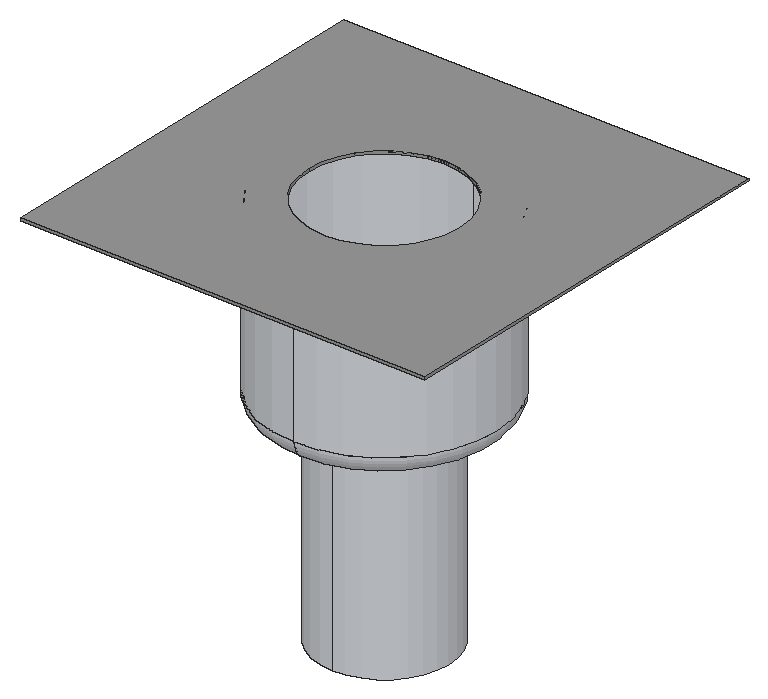
Revit family "RS524.100", category Sanitärinstallationen, Revit 2020
Family settings
  Bemaßung runder Anschluss = Durchmesser verwenden
  Teiletyp = Normal
  Arbeitsebenenbasiert = Nein
  Immer vertikal = Ja
  Beim Laden mit Abzugskörper schneiden = Nein
  Gemeinsam genutzt = Nein
  Raumberechnungspunkt = Nein
Parameters
  Übergangsbride [instance] = no
  Vorgabe-Ansicht = 0 mm
  URL = "https://www.resitec.ch/"
  RSsp_H1 [instance] = Höhe - 23 mm  # 335 mm
  RS_s001 = 2 mm
  RS_dimH-mountplate [instance] = 110 mm
  RS_dimH-Rost [instance] = 69 mm
  RS_dim001 = 80.135 mm
  RS_dim002 = 142 mm
  RS_dim003 = RS_dim001 + 5 mm  # 85.135 mm
  RS_dia002 = 150 mm
  RS_dia001 = 245 mm  # constant formula
  RS_DVol-T = 345 mm
  RS_DVol-L = 345 mm
  RS_DN2 = 0 mm
  RS_DN1d = 110 mm
  RS_DN1 = 100 mm
  RS_AVol-T = 129 mm
  RS_AVol-L = 129 mm
  RS_AVol-H = 200 mm
  RS_URL = "https://resitec.ch/entwaesserungstechnik/glockensifons/?tx_resitecprodukte_produktliste%5Bprodukt%5D=81&tx_resitecprodukte_produktliste%5Baction%5D=show&tx_resitecprodukte_produktliste%5Bcontroller%5D=Produkt&cHash=6d57d6ed01fa84a4cd1852db563116bd"
  RS_Rost_h1 [instance] = 23 mm  # constant formula
  RS_Rost_Typ [instance] = "RS511.2.145"
  RS_Manufacture = "Resitec"  # constant formula
  RS_Description [instance] = "Bodenablauf aus rostfreiem Stahl 1.4404 gebeizt, Typ RS 500K/100 mit Schlitzrost barfuss begehbar."
  RS_Articelnumber [instance] = "RS524.100"
  RS_Add_1 [instance] = ""
  Klebeblech mit Epoxidgrundierung = no
  Höhe [instance] = 358 mm
  Hersteller = RS_Manufacture  # "Resitec"
  Description = ""
  Baugruppenkennzeichen = "D2030300"
  Anschlusswert DU L/s = 0
Reference planes
  plane 1 "Mitte (Vorne/hinten)": y = 0
  plane 2: z = 0
  plane 3 "Mitte (Links/rechts)": x = 0
  plane 4: z = -335
  plane 5: z = 10
  plane 6: x = 172.5
  plane 7: y = 172.5
  plane 8: x = -172.5
  plane 9: y = -172.5
  plane 10: y = 64.5
  plane 11: x = 64.5
  plane 12: x = -64.5
  plane 13: y = -64.5
  plane 14: z = 23
  plane 15: z = -7.5
  plane 16: z = 2
  plane 17: z = -110
  plane 18: x = -122.5
  plane 19: y = 122.5
  plane 20: x = 122.5
  plane 21: y = -122.5
  plane 22: z = 0
Forms (mm)
  Extrusion 1, solid, material "Stahl, unlegiert"
    sketch origin (0, 0, 0) x (1, 0, 0) y (0, 1, 0)
      loop
        line (-172.5, 172.5) -> (-172.5, -172.5) -> (172.5, -172.5) -> (172.5, 172.5) -> (-172.5, 172.5)
      loop
        circle (0, 0) r 64.5
    from 0 to 2
Lines and regions (mm)
  reference lines
    curve 1: line (-60, 0, 0) -> (60, 0, 0)
    curve 2: line (0, 60, 0) -> (0, -60, 0)
    curve 3: line (-55.15, 0, 0) -> (55.15, 0, 0)
    curve 4: line (0, 55.15, 0) -> (0, -55.15, 0)
    curve 5: line (-70.5, 0, 0) -> (70.5, 0, 0)
    curve 6: line (0, -70.5, 0) -> (0, 70.5, 0)
Dimensions and locks
  "RSsp_H1": level to plane 4
  equal spacing: plane 7, plane 1 "Mitte (Vorne/hinten)", plane 9
  equal spacing: plane 8, plane 3 "Mitte (Links/rechts)", plane 6
  "RS_DVol-T": plane 7 to plane 9
  "RS_DVol-L": plane 8 to plane 6
  equal spacing: plane 12, plane 3 "Mitte (Links/rechts)", plane 11
  "RS_AVol-L": plane 12 to plane 11
  equal spacing: plane 10, plane 1 "Mitte (Vorne/hinten)", plane 13
  "RS_AVol-T": plane 10 to plane 13
  "RS_s001": plane 16 to level
  "RS_Rost_h1": plane 14 to level
  level to plane 17 = 110 mm
  "RS_dia001": plane 18 to plane 20
  "RS_dia001": plane 19 to plane 21
  equal spacing: plane 18, plane 3 "Mitte (Links/rechts)", plane 20
  equal spacing: plane 19, plane 1 "Mitte (Vorne/hinten)", plane 21
  Extrusion 1 to Extrusion 1 = 2 mm
  locked: level to plane 15 at 7.5
  plane 14 to plane 22 = 23 mm
  aligned and locked: level to plane 2
  aligned and locked: Extrusion 1 to level
  aligned and locked: nested 1 to level
  aligned and locked: level to plane 22
Automatic sketch dimensions
  plane 1 "Mitte (Vorne/hinten)" to curve 5 = 0 mm
  plane 1 "Mitte (Vorne/hinten)" to curve 1 = 0 mm
  plane 1 "Mitte (Vorne/hinten)" to curve 3 = 0 mm
  curve 2 to plane 3 "Mitte (Links/rechts)" = 0 mm
  curve 6 to plane 3 "Mitte (Links/rechts)" = 0 mm
  curve 4 to plane 3 "Mitte (Links/rechts)" = 0 mm
  curve 3 to plane 3 "Mitte (Links/rechts)" = 55.15 mm
  curve 1 to curve 3 = 4.85 mm
  curve 5 to curve 1 = 10.5 mm
  plane 3 "Mitte (Links/rechts)" to curve 3 = 55.15 mm
  curve 3 to curve 1 = 4.85 mm
  curve 1 to curve 5 = 10.5 mm
  plane 1 "Mitte (Vorne/hinten)" to curve 4 = 55.15 mm
  curve 2 to curve 4 = 4.85 mm
  curve 6 to curve 2 = 10.5 mm
  curve 4 to plane 1 "Mitte (Vorne/hinten)" = 55.15 mm
  curve 4 to curve 2 = 4.85 mm
  curve 2 to curve 6 = 10.5 mm
  Extrusion 1 sketch curve to plane 8 = 0 mm
  plane 1 "Mitte (Vorne/hinten)" to Extrusion 1 sketch curve = 0 mm
  Extrusion 1 sketch curve to plane 3 "Mitte (Links/rechts)" = 0 mm
  Extrusion 1 sketch curve to plane 6 = 0 mm
  Extrusion 1 sketch curve to plane 9 = 0 mm
  Extrusion 1 sketch curve to plane 7 = 0 mm
  radius of Extrusion 1 sketch curve = 64.5 mm
Nested families
  nested 1: "RS561K.xx" at (0, 0, 0), RSsp_H1 <- "RSsp_H1", type "DN100"
    with Übergangsbride no, Rückstaudichtung RS644.60 no, RSsp_H1 335 mm, RS_dimH-Rost 279 mm, RS_Rost_h1 317 mm, RS_Rost_Typ "RS511.2.145", RS_Description "Glockensifon aus rostfreiem Stahl 1.4404 gebeizt, Typ RS 425/70, bestehend aus: Ablaufteil mit Abgang ø 63.5 mm, vertikal Lochrost 4 mm ø 124 mm aus rostfreiem Stahl 1.4301 gebeizt mit angeschweisster Glocke, barfuss begehbar und mit Rollstuhl befahrbar", RS_Articelnumber "RS425.60.4.129", RS_Add_1 "", Höhe 345 mm
Connectors
  piping at (0, 0, -335), diameter 100, driven by "RS_DN1"
    settings: on nested 1, index 1, connector inside diameter 609.6 mm, connector length 0 mm, flow factor 0, pipe flow 0.0 L/s, pressure drop 0.0 Pa, fitting loss kfactor 0, connector angle 0.00°, fixture units 0, engagement length 0 mm, angle of deflection 0.00°, flow configuration 0, flow direction 0, fitting loss method 0, system type 16, joint type 0, gender type 0, connector reference index -1, connector utility 0, adjustable connector no, is connector primary yes, connector description ""
Definition of nested family "RS561K.xx"
  Parameters (values of type "DN100")
    Übergangsbride [instance] = no
    Default Elevation = 0 mm
    URL = "https://www.resitec.ch/"
    RSsp_H1 [instance] = 345 mm
    RS_s001 = 3 mm
    RS_dimH-Rost [instance] = RS_Rost_h1 - 38 mm  # 279 mm
    RS_dim001 = 159 mm
    RS_dim002 = RS_dim001  # 159 mm
    RS_dim003 = 25 mm
    RS_dia002 = 130 mm
    RS_dia001 = 192 mm
    RS_DVol-T = 300 mm
    RS_DVol-L = 300 mm
    RS_DN2 = 0 mm
    RS_DN1d = 110 mm
    RS_DN1 = 100 mm
    RS_AVol-T = 129 mm
    RS_AVol-L = 129 mm
    RS_AVol-H = 200 mm
    RS_URL = ""
    RS_Rost_h1 [instance] = 317 mm
    RS_Rost_Typ [instance] = ""
    RS_Manufacture = "Resitec"  # constant formula
    RS_Description [instance] = "Glockensifon aus rostfreiem Stahl 1.4404 gebeizt, Typ RS 425/70, bestehend aus: Ablaufteil mit Abgang ø 63.5 mm, vertikal Lochrost 4 mm ø 124 mm aus rostfreiem Stahl 1.4301 gebeizt mit angeschweisster Glocke, barfuss begehbar und mit Rollstuhl befahrbar"  # constant formula
    RS_Articelnumber [instance] = "RS519.245"
    RS_Add_1 [instance] = ""
    Rückstaudichtung RS644.60 [instance] = no
    Höhe [instance] = 345 mm
    Manufacturer = RS_Manufacture  # "Resitec"
    Description = ""
    Assembly Code = "D2030300"
    Anschlusswert DU L/s = 0
  Types (5, lengths in mm): name | RSsp_H1 | RS_dim001 | RS_dim002 | RS_dia001 | RS_DN1d | RS_DN1 | RS_URL | RS_Rost_Typ | RS_Articelnumber
    DN40 | 335.757 | 122 | 122 | 129 | 48 | 40 | "https://resitec.ch/entwaesserungstechnik/bodenablauf/?tx_resitecprodukte_produktliste%5Bprodukt%5D=1&tx_resitecprodukte_produktliste%5Baction%5D=show&tx_resitecprodukte_produktliste%5Bcontroller%5D=Produkt&cHash=cee8b11d3745fbe960417df4e1698a16" | "RS511.2.145" | "RS425.60.4.129"
    DN60 | 335.757 | 122 | 122 | 129 | 63 | 60 | "https://resitec.ch/entwaesserungstechnik/glockensifons/?tx_resitecprodukte_produktliste%5Bprodukt%5D=71&tx_resitecprodukte_produktliste%5Baction%5D=show&tx_resitecprodukte_produktliste%5Bcontroller%5D=Produkt&cHash=81896261f04a31d1bb8fc8234e01d3bc" | "RS511.2.145" | "RS425.60.4.129"
    DN70 | 345 | 122 | 122 | 129 | 76 | 70 | "" | "" | "RS561K.xx"
    DN80 | 345 | 159 | 159 | 192 | 89 | 80 | "" | "" | "RS519.245"
    DN100 | 345 | 159 | 159 | 192 | 110 | 100 | "" | "" | "RS519.245"
  Reference planes
    plane 1 "Mitte (Vorne/hinten)": y = 0
    plane 2: z = 0
    plane 3 "Mitte (Links/rechts)": x = 0
    plane 4: y = -96
    plane 5: y = 96
    plane 6: z = -159
    plane 7: z = -159
    plane 8: y = -55
    plane 9: y = 55
    plane 10: z = -345
  Forms (mm)
    Revolve 1, solid
      sketch origin (0, 0, 0) x (0, 1, 0) y (0, 0, 1)
        loop
          line (0, -159.078) -> (0, -345) -> (55, -345) -> (55, -159.078) -> (0, -159.078)
        axis (0, -159.078) -> (0, -345)
      angle from 0 to 360
    Revolve 2, solid
      sketch origin (0, 0, 0) x (0, 1, 0) y (0, 0, 1)
        loop
          line (-96, 0) -> (-96, -142.204)
          arc (-96, -142.204) -> (-91.081, -154.081) -> (-79.204, -159) r 16.796
          line (-79.204, -159) -> (0, -159) -> (0, -157) -> (-81.272, -157)
          arc (-81.272, -157) -> (-90.272, -153.272) -> (-94, -144.272) r 12.728
          line (-94, -144.272) -> (-94, 0) -> (-96, 0)
        axis (0, -159) -> (0, 0)
      angle from 0 to 360
  Dimensions and locks
    "RS_dia001": plane 4 to plane 5
    equal spacing: plane 4, plane 1 "Mitte (Vorne/hinten)", plane 5
    "RS_dim001": level to plane 7
    "RS_dim002": level to plane 6
    "RS_DN1d": plane 8 to plane 9
    equal spacing: plane 8, plane 1 "Mitte (Vorne/hinten)", plane 9
    Revolve 2 sketch curve to Revolve 2 sketch curve = 2 mm  (x2)
    "RSsp_H1": level to plane 10
    radius of Revolve 2 sketch curve = 12.728 mm
    radius of Revolve 2 sketch curve = 16.796 mm
    aligned and locked: level to plane 2
    aligned and locked: Revolve 1 sketch curve to plane 1 "Mitte (Vorne/hinten)"
    aligned and locked: plane 9 to Revolve 1 sketch curve
    aligned and locked: Revolve 1 sketch curve to Revolve 1 sketch curve
    aligned and locked: level to Revolve 2 sketch curve
    aligned and locked: Revolve 2 sketch curve to plane 1 "Mitte (Vorne/hinten)"  (x2)
    aligned and locked: Revolve 2 sketch curve to plane 7
    aligned and locked: plane 4 to Revolve 2 sketch curve
    aligned and locked: plane 10 to Revolve 1
  Automatic sketch dimensions
    Revolve 1 sketch curve to plane 9 = 0 mm
    Revolve 1 sketch curve to plane 6 = 0 mm
    Revolve 1 sketch curve to Revolve 1 sketch curve = 196.243 mm
    Revolve 1 sketch curve to plane 6 = 0.078 mm
    Revolve 2 sketch curve to plane 6 = 20 mm
    level to Revolve 2 sketch curve = 13 mm
    Revolve 1 sketch curve to Revolve 1 sketch curve = 185.922 mm
  Connectors
    piping at (0, 0, -345), diameter 100, driven by "RS_DN1"
      settings: on Revolve 1, index 1, connector inside diameter 609.6 mm, connector length 0 mm, flow factor 0, pipe flow 0.0 L/s, pressure drop 0.0 Pa, fitting loss kfactor 0, connector angle 0.00°, fixture units 0, engagement length 0 mm, angle of deflection 0.00°, flow configuration 0, flow direction 0, fitting loss method 0, system type 7, joint type 0, gender type 0, connector reference index -1, connector utility 0, adjustable connector no, is connector primary yes, connector description ""
